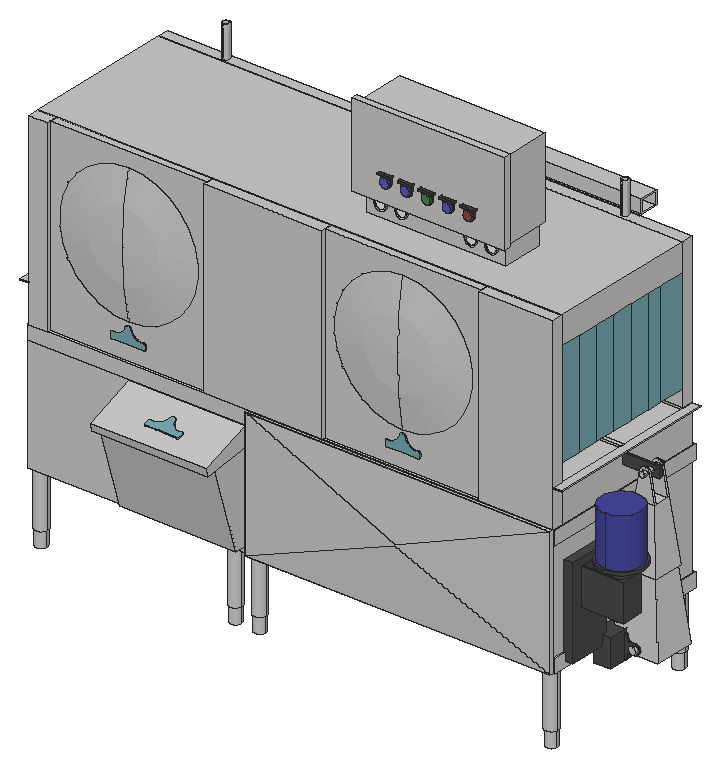
Revit family (continued)
Dimensions and locks (in)
  locked: Extrusion 33 sketch curve to plane 13 "Top of Machine" at 5.875
  locked: Extrusion 34 sketch curve to plane 13 "Top of Machine" at 5.875
  locked: Extrusion 35 sketch curve to plane 13 "Top of Machine" at 5.875
  locked: Extrusion 36 sketch curve to plane 14 "Panel Top" at 4.12493
  locked: plane 38 to plane 9 "Right End Cowl" at 0.125
  locked: plane 10 to plane 39 at 3.875
  locked: plane 40 to plane 41 at 24.875
  locked: plane 41 to plane 6 "FRONT" at 0.0625
  plane 42 "Top of Vents" to plane 13 "Top of Machine" = 0' - 4"
  locked: Extrusion 41 sketch curve to plane 5 "RIGHT" at 1.375
  locked: plane 5 "RIGHT" to Extrusion 42 sketch curve at 6
  locked: plane 5 "RIGHT" to Extrusion 45 sketch curve at 6
  locked: plane 5 "RIGHT" to Extrusion 46 sketch curve at 6
  locked: plane 5 "RIGHT" to Blend 44 sketch curve at 6
  locked: Extrusion 57 sketch curve to plane 3 "BACK" at 0.75
  locked: plane 43 to plane 22 "Door Center" at 14.5
  locked: plane 43 to plane 44 at 29
  locked: plane 46 to plane 13 "Top of Machine" at 2
  locked: plane 45 to plane 3 "BACK" at 3
  Extrusion 60 sketch curve to plane 13 "Top of Machine" = 1' - 1"
  locked: plane 30 to Extrusion 60 sketch curve at 1
  locked: plane 47 to plane 3 "BACK" at 5
  locked: plane 48 to plane 13 "Top of Machine" at 29
  locked: plane 49 to plane 51 at 0.125
  locked: plane 52 to plane 50 at 3.875
  locked: plane 54 "LEFT" to plane 56 at 0.25
  "Width": plane 54 "LEFT" to plane 5 "RIGHT"
  locked: plane 53 "Left of Middle" to plane 54 "LEFT" at 0.125
  locked: plane 55 to plane 54 "LEFT" at 1.25
  "Single Door Opening": plane 58 to plane 57
  locked: Extrusion 77 sketch curve to plane 21 at 1.125
  locked: plane 60 to level at 13.625
  locked: Extrusion 30 sketch curve to plane 22 "Door Center" at 1
  locked: plane 22 "Door Center" to Extrusion 35 sketch curve at 0.75
  locked: plane 22 "Door Center" to Extrusion 82 sketch curve at 6
  locked: plane 22 "Door Center" to Extrusion 31 sketch curve at 3
  locked: Extrusion 30 to Extrusion 32 sketch curve at 1
  locked: Extrusion 33 sketch curve to plane 22 "Door Center" at 3
  locked: Extrusion 34 sketch curve to plane 22 "Door Center" at 6
  locked: Extrusion 57 sketch curve to plane 5 "RIGHT" at 9
  plane 54 "LEFT" to Extrusion 83 sketch curve = 3' - 2"
  locked: plane 54 "LEFT" to Extrusion 84 sketch curve at 9
  locked: Extrusion 61 sketch curve to plane 5 "RIGHT" at 28
  locked: plane 61 to level at 8.5
  locked: plane 6 "FRONT" to plane 63 at 7
  locked: plane 54 "LEFT" to plane 58 at 2.6875
  plane 3 "BACK" to plane 62 "Drain" = 0' - 3"
  equal spacing: plane 23, plane 22 "Door Center", plane 24
  locked: plane 22 "Door Center" to Extrusion 36 sketch curve at 2.49793
  locked: Sweep 85 sketch curve to plane 54 "LEFT" at 10.625
  locked: plane 54 "LEFT" to Extrusion 86 sketch curve at 22
  locked: plane 58 to plane 64 at 0.25
  locked: plane 66 to plane 57 at 0.25
  locked: plane 23 to plane 67 at 0.25
  locked: plane 65 to plane 24 at 0.25
  locked: plane 22 "Door Center" to plane 70 at 0.0625
  locked: plane 69 to plane 22 "Door Center" at 0.0625
  locked: plane 22 "Door Center" to plane 71 at 1.4375
  locked: plane 68 to plane 22 "Door Center" at 1.4375
  locked: plane 59 "Left of Bin" to plane 18 at 16.75
  locked: plane 49 to plane 54 "LEFT" at 10
  locked: plane 51 to plane 52 at 2.9375
  locked: plane 39 to plane 38 at 2.9375
  locked: plane 5 "RIGHT" to plane 9 "Right End Cowl" at 10
  locked: plane 72 to plane 57 at 1.4375
  aligned and locked: level to plane 1
  aligned and locked: Extrusion 1 sketch curve to plane 17
  aligned and locked: Extrusion 1 sketch curve to plane 18
  aligned and locked: plane 19 "Right of Bottom" to Extrusion 1 sketch curve
  aligned and locked: Extrusion 1 to plane 11 "Bottom of Machine"
  aligned and locked: plane 15 to Extrusion 1
  aligned and locked: plane 2 "Left of Bottom" to Extrusion 2 sketch curve
  aligned and locked: Extrusion 2 sketch curve to plane 5 "RIGHT"
  aligned and locked: plane 6 "FRONT" to Extrusion 2 sketch curve
  aligned and locked: plane 3 "BACK" to Extrusion 2 sketch curve
  aligned and locked: plane 14 "Panel Top" to Extrusion 2
  aligned and locked: Extrusion 2 to plane 15
  aligned and locked: plane 5 "RIGHT" to Extrusion 3 sketch curve
  aligned and locked: plane 6 "FRONT" to Extrusion 3 sketch curve
  aligned and locked: plane 8 "Right of Ledge" to Extrusion 3 sketch curve
  aligned and locked: plane 3 "BACK" to Extrusion 3 sketch curve
  aligned and locked: plane 3 "BACK" to Extrusion 4 sketch curve
  aligned and locked: Extrusion 4 sketch curve to plane 21
  aligned and locked: Extrusion 4 to plane 14 "Panel Top"
  aligned and locked: plane 3 "BACK" to Extrusion 5 sketch curve
  aligned and locked: plane 20 to Extrusion 5 sketch curve
  aligned and locked: Extrusion 6 sketch curve to plane 5 "RIGHT"
  aligned and locked: Extrusion 6 sketch curve to plane 21
  aligned and locked: Extrusion 6 sketch curve to plane 20
  aligned and locked: plane 3 "BACK" to Extrusion 7 sketch curve
  aligned and locked: plane 20 to Extrusion 7 sketch curve
  aligned and locked: Extrusion 7 sketch curve to plane 5 "RIGHT"
  aligned and locked: Extrusion 7 to plane 12 "Table Height"
  aligned and locked: Extrusion 6 to plane 25 "Top of Opening"
  aligned and locked: Extrusion 8 sketch curve to plane 23
  aligned and locked: plane 14 "Panel Top" to Extrusion 8 sketch curve
  aligned and locked: Extrusion 8 to plane 21
  aligned and locked: Extrusion 8 sketch curve to plane 13 "Top of Machine"
  aligned and locked: plane 2 "Left of Bottom" to Blend 9 sketch curve
  aligned and locked: plane 11 "Bottom of Machine" to Blend 9 sketch curve
  aligned and locked: Blend 9 sketch curve to plane 14 "Panel Top"
  aligned and locked: Blend 9 sketch curve to plane 5 "RIGHT"
  aligned and locked: plane 6 "FRONT" to Extrusion 1 sketch curve
  aligned and locked: plane 2 "Left of Bottom" to Extrusion 10 sketch curve
  aligned and locked: Extrusion 10 sketch curve to plane 6 "FRONT"
  aligned and locked: plane 16 to Extrusion 10 sketch curve
  aligned and locked: Extrusion 10 sketch curve to plane 5 "RIGHT"
  aligned and locked: Extrusion 10 to plane 11 "Bottom of Machine"
  aligned and locked: plane 14 "Panel Top" to Extrusion 10
  aligned and locked: plane 24 to Extrusion 11 sketch curve
  aligned and locked: Extrusion 11 sketch curve to plane 13 "Top of Machine"
  aligned and locked: Extrusion 11 sketch curve to plane 5 "RIGHT"
  aligned and locked: plane 14 "Panel Top" to Extrusion 11 sketch curve
  aligned and locked: Extrusion 11 to plane 21
  aligned and locked: Extrusion 12 sketch curve to plane 24
  aligned and locked: plane 21 to Extrusion 12 sketch curve
  aligned and locked: plane 23 to Extrusion 12 sketch curve
  aligned and locked: Extrusion 12 to plane 14 "Panel Top"
  aligned and locked: plane 26 to Extrusion 14
  aligned and locked: Extrusion 15 to plane 26
  aligned and locked: plane 11 "Bottom of Machine" to Extrusion 15
  aligned and locked: plane 21 to Extrusion 22 sketch curve
  aligned and locked: plane 5 "RIGHT" to Extrusion 22 sketch curve  (x7)
  aligned and locked: plane 20 to Extrusion 22 sketch curve
  aligned and locked: Extrusion 23 sketch curve to plane 32
  aligned and locked: plane 31 "Front of Lower Panel" to Extrusion 23 sketch curve
  aligned and locked: plane 27 to Extrusion 23 sketch curve
  aligned and locked: plane 28 to Extrusion 23 sketch curve
  aligned and locked: Extrusion 24 sketch curve to plane 34 "Back of Panel"
  aligned and locked: plane 33 to Extrusion 24 sketch curve
  aligned and locked: plane 36 to Extrusion 24 sketch curve
  aligned and locked: Extrusion 24 sketch curve to plane 37
  aligned and locked: Extrusion 25 sketch curve to plane 33
  aligned and locked: plane 35 "Front of Upper Panel" to Extrusion 25 sketch curve
  aligned and locked: plane 29 to Extrusion 25 sketch curve
  aligned and locked: Extrusion 25 sketch curve to plane 30
  aligned and locked: Extrusion 27 sketch curve to Extrusion 26  (x2)
  aligned and locked: Extrusion 29 sketch curve to Extrusion 28  (x2)
  aligned and locked: Extrusion 37 sketch curve to plane 13 "Top of Machine"
  aligned and locked: Extrusion 37 sketch curve to plane 6 "FRONT"
  aligned and locked: plane 21 to Extrusion 37 sketch curve
  aligned and locked: plane 20 to Extrusion 37 sketch curve
  aligned and locked: plane 3 "BACK" to Extrusion 37 sketch curve
  aligned and locked: plane 6 "FRONT" to Extrusion 38 sketch curve
  aligned and locked: Extrusion 38 sketch curve to plane 13 "Top of Machine"
  aligned and locked: plane 3 "BACK" to Extrusion 38 sketch curve
  aligned and locked: plane 20 to Extrusion 38 sketch curve
  aligned and locked: plane 25 "Top of Opening" to Extrusion 38 sketch curve
  aligned and locked: plane 21 to Extrusion 38 sketch curve
  aligned and locked: Extrusion 38 to plane 38
  aligned and locked: plane 38 to Extrusion 37
  aligned and locked: Extrusion 39 sketch curve to plane 10
  aligned and locked: plane 39 to Extrusion 39 sketch curve
  aligned and locked: plane 40 to Extrusion 39 sketch curve
  aligned and locked: Extrusion 39 sketch curve to plane 41
  aligned and locked: Extrusion 40 sketch curve to Extrusion 39  (x4)
  aligned and locked: Blend 44 sketch curve to Extrusion 43  (x2)
  aligned and locked: Extrusion 53 sketch curve to Extrusion 51  (x2)
  aligned and locked: Extrusion 41 to plane 5 "RIGHT"
  aligned and locked: Extrusion 47 to plane 5 "RIGHT"
  aligned: nested 1 to cut or joined group of Extrusion 37, Extrusion 40
  aligned and locked: plane 10 to nested 1
  aligned and locked: plane 39 to nested 1
  aligned and locked: plane 41 to nested 1
  aligned and locked: nested 1 to plane 40
  aligned and locked: Extrusion 58 to plane 43
  aligned and locked: Extrusion 58 to plane 44
  aligned and locked: Extrusion 59 to plane 44
  aligned and locked: Extrusion 59 to plane 43
  aligned and locked: plane 3 "BACK" to curve 1
  aligned and locked: curve 3 to plane 5 "RIGHT"
  aligned and locked: plane 6 "FRONT" to curve 2
  aligned and locked: curve 5 to plane 9 "Right End Cowl"
  aligned and locked: plane 43 to curve 7
  aligned and locked: plane 44 to curve 9
  aligned and locked: curve 8 to plane 45
  aligned and locked: plane 8 "Right of Ledge" to curve 10
  aligned and locked: curve 11 to plane 34 "Back of Panel"
  aligned and locked: plane 33 to curve 13
  aligned and locked: plane 36 to curve 12
  aligned and locked: curve 14 to plane 37
  aligned and locked: plane 29 to curve 18
  aligned and locked: plane 35 "Front of Upper Panel" to curve 17
  aligned and locked: curve 16 to plane 30
  aligned and locked: plane 41 to curve 22
  aligned and locked: curve 23 to plane 39
  aligned and locked: plane 10 to curve 21
  aligned and locked: curve 20 to plane 40
  aligned and locked: Extrusion 62 sketch curve to plane 17  (x2)
  aligned and locked: plane 47 to Extrusion 62 sketch curve
  aligned and locked: plane 44 to Extrusion 62 sketch curve
  aligned and locked: Extrusion 62 sketch curve to plane 45
  aligned and locked: plane 43 to Extrusion 62 sketch curve
  aligned: plane 42 "Top of Vents" to Extrusion 62
  aligned and locked: plane 4 "TOP" to Extrusion 62
  aligned and locked: plane 13 "Top of Machine" to Extrusion 63 sketch curve
  aligned and locked: Extrusion 63 sketch curve to plane 24
  aligned and locked: plane 23 to Extrusion 63 sketch curve
  aligned and locked: Extrusion 63 sketch curve to plane 48
  aligned and locked: Extrusion 63 to plane 21
  aligned and locked: Extrusion 62 sketch curve to plane 8 "Right of Ledge"
  aligned and locked: Extrusion 64 sketch curve to plane 47
  aligned and locked: Extrusion 64 sketch curve to plane 8 "Right of Ledge"
  aligned and locked: plane 17 to Extrusion 64 sketch curve
  aligned and locked: Extrusion 64 sketch curve to plane 9 "Right End Cowl"
  aligned and locked: plane 4 "TOP" to Extrusion 64
  aligned and locked: curve 26 to plane 9 "Right End Cowl"
  aligned and locked: curve 25 to plane 47
  aligned and locked: Extrusion 66 sketch curve to Extrusion 65  (x2)
  aligned and locked: Extrusion 68 sketch curve to Extrusion 67  (x2)
  aligned and locked: Extrusion 69 to plane 51
  aligned and locked: plane 51 to Extrusion 70
  aligned and locked: plane 52 to Extrusion 71 sketch curve
  aligned and locked: Extrusion 71 sketch curve to plane 50
  aligned and locked: curve 27 to plane 49
  aligned and locked: curve 31 to plane 50
  aligned and locked: plane 52 to curve 29
  aligned and locked: plane 49 to Extrusion 72 sketch curve
  aligned and locked: plane 49 to curve 32
  aligned and locked: Extrusion 73 sketch curve to plane 55
  aligned and locked: plane 6 "FRONT" to Extrusion 74 sketch curve
  aligned and locked: Extrusion 74 sketch curve to plane 17
  aligned and locked: plane 19 "Right of Bottom" to Extrusion 74 sketch curve
  aligned and locked: plane 14 "Panel Top" to Extrusion 74
  aligned and locked: Extrusion 74 sketch curve to plane 53 "Left of Middle"
  aligned and locked: plane 54 "LEFT" to Extrusion 7 sketch curve
  aligned and locked: plane 54 "LEFT" to Extrusion 6 sketch curve
  aligned and locked: Extrusion 4 sketch curve to plane 5 "RIGHT"
  aligned and locked: plane 54 "LEFT" to Extrusion 4 sketch curve
  aligned and locked: Extrusion 5 sketch curve to plane 5 "RIGHT"
  aligned and locked: plane 54 "LEFT" to Extrusion 5 sketch curve
  aligned and locked: plane 57 to Extrusion 8 sketch curve
  aligned and locked: plane 54 "LEFT" to Extrusion 76 sketch curve
  aligned and locked: Extrusion 76 sketch curve to plane 13 "Top of Machine"
  aligned and locked: Extrusion 76 sketch curve to plane 58
  aligned and locked: plane 14 "Panel Top" to Extrusion 76 sketch curve
  aligned and locked: Extrusion 76 to plane 21
  aligned and locked: Extrusion 76 to plane 6 "FRONT"
  aligned and locked: plane 13 "Top of Machine" to Extrusion 78 sketch curve
  aligned and locked: Extrusion 78 sketch curve to plane 57
  aligned and locked: plane 58 to Extrusion 78 sketch curve
  aligned and locked: Extrusion 78 sketch curve to plane 48
  aligned and locked: Extrusion 78 to plane 21
  aligned and locked: plane 58 to Extrusion 77 sketch curve
  aligned and locked: Extrusion 77 sketch curve to plane 57
  aligned and locked: plane 21 to Extrusion 77 sketch curve
  aligned and locked: Extrusion 77 to plane 14 "Panel Top"
  aligned and locked: plane 13 "Top of Machine" to Extrusion 77
  aligned and locked: plane 18 to Extrusion 79 sketch curve
  aligned and locked: Extrusion 79 to plane 3 "BACK"
  aligned and locked: Extrusion 87 sketch curve to Extrusion 86  (x2)
  aligned and locked: Extrusion 88 sketch curve to Extrusion 61  (x2)
  aligned and locked: plane 54 "LEFT" to cut or joined group of Extrusion 69, Extrusion 89
  aligned and locked: Extrusion 81 to plane 18
  aligned and locked: Extrusion 80 to plane 18
  aligned and locked: Extrusion 79 sketch curve to plane 53 "Left of Middle"
  aligned and locked: plane 11 "Bottom of Machine" to Extrusion 79 sketch curve
  aligned and locked: plane 55 to Extrusion 72
  aligned and locked: Extrusion 62 to plane 55
  aligned and locked: plane 21 to Extrusion 104 sketch curve
  aligned and locked: plane 6 "FRONT" to Extrusion 104 sketch curve
  aligned and locked: Extrusion 104 sketch curve to plane 65
  aligned and locked: plane 67 to Extrusion 105 sketch curve
  aligned and locked: Extrusion 105 sketch curve to plane 69
  aligned and locked: plane 21 to Extrusion 105 sketch curve
  aligned and locked: plane 6 "FRONT" to Extrusion 105 sketch curve
  aligned and locked: Extrusion 105 to plane 14 "Panel Top"
  aligned and locked: Extrusion 104 to plane 14 "Panel Top"
  aligned and locked: curve 60 to plane 23
  aligned and locked: curve 62 to plane 24
  aligned and locked: cut or joined group of Extrusion 37, Extrusion 40 to plane 5 "RIGHT"
  aligned and locked: Extrusion 112 sketch curve to plane 66
Automatic sketch dimensions
  Extrusion 81 sketch curve to Extrusion 81 sketch curve = 0' - 1.04649"
  Extrusion 99 sketch curve to Extrusion 99 sketch curve = 0' - 0.41934"
  Extrusion 99 sketch curve to Extrusion 99 sketch curve = 0' - 0.42496"
  Extrusion 99 sketch curve to Extrusion 99 sketch curve = 0' - 0"  (x2)
  Extrusion 99 sketch curve to Extrusion 99 sketch curve = 0' - 1.22253"
  Extrusion 99 sketch curve to Extrusion 99 sketch curve = 0' - 1.51845"
  Extrusion 99 sketch curve to Extrusion 99 sketch curve = 0' - 1.63184"  (x2)
  Extrusion 99 sketch curve to Extrusion 99 sketch curve = 0' - 0.00341"
  Extrusion 99 sketch curve to Extrusion 99 sketch curve = 0' - 0.25142"  (x2)
  Extrusion 99 sketch curve to Extrusion 99 sketch curve = 0' - 11.90119"
  Extrusion 99 sketch curve to Extrusion 99 sketch curve = 0' - 0.08323"
  Extrusion 99 sketch curve to Extrusion 99 sketch curve = 0' - 0.48493"  (x2)
  Extrusion 99 sketch curve to Extrusion 99 sketch curve = 0' - 1.96861"
  Extrusion 80 sketch curve to Extrusion 80 sketch curve = 0' - 3.69119"
  Extrusion 80 sketch curve to Extrusion 80 sketch curve = 0' - 5.50369"
  Extrusion 80 sketch curve to Extrusion 80 sketch curve = 1' - 0.07335"
  Extrusion 80 sketch curve to Extrusion 80 sketch curve = 0' - 0.73915"
  Extrusion 81 sketch curve to Extrusion 81 sketch curve = 0' - 0.24812"
  Extrusion 81 sketch curve to Extrusion 81 sketch curve = 0' - 6.75188"
  Extrusion 81 sketch curve to Extrusion 81 sketch curve = 0' - 0.90679"
  Extrusion 81 sketch curve to Extrusion 81 sketch curve = 0' - 2 11/16"
  Extrusion 99 sketch curve to Extrusion 99 sketch curve = 0' - 0.25483"
  Extrusion 99 sketch curve to Extrusion 99 sketch curve = 0' - 0.30345"
  Extrusion 99 sketch curve to Extrusion 99 sketch curve = 0' - 1.52338"
  Extrusion 99 sketch curve to Extrusion 99 sketch curve = 0' - 0.61126"
  Extrusion 102 sketch curve to Extrusion 102 sketch curve = 0' - 1.04649"
  Extrusion 103 sketch curve to Extrusion 103 sketch curve = 0' - 0.41934"
  Extrusion 103 sketch curve to Extrusion 103 sketch curve = 0' - 0.42496"
  Extrusion 103 sketch curve to Extrusion 103 sketch curve = 0' - 0"  (x2)
  Extrusion 103 sketch curve to Extrusion 103 sketch curve = 0' - 1.22253"
  Extrusion 103 sketch curve to Extrusion 103 sketch curve = 0' - 1.51845"
  Extrusion 103 sketch curve to Extrusion 103 sketch curve = 0' - 1.63184"  (x2)
  Extrusion 103 sketch curve to Extrusion 103 sketch curve = 0' - 0.00341"
  Extrusion 103 sketch curve to Extrusion 103 sketch curve = 0' - 0.25142"  (x2)
  Extrusion 103 sketch curve to Extrusion 103 sketch curve = 0' - 11.90119"
  Extrusion 103 sketch curve to Extrusion 103 sketch curve = 0' - 0.08323"
  Extrusion 103 sketch curve to Extrusion 103 sketch curve = 0' - 0.48493"  (x2)
  Extrusion 103 sketch curve to Extrusion 103 sketch curve = 0' - 1.96861"
  Extrusion 101 sketch curve to Extrusion 101 sketch curve = 0' - 3.69119"
  Extrusion 101 sketch curve to Extrusion 101 sketch curve = 0' - 5.50369"
  Extrusion 101 sketch curve to Extrusion 101 sketch curve = 1' - 0.07335"
  Extrusion 101 sketch curve to Extrusion 101 sketch curve = 0' - 0.73915"
  Extrusion 102 sketch curve to Extrusion 102 sketch curve = 0' - 0.24812"
  Extrusion 102 sketch curve to Extrusion 102 sketch curve = 0' - 6.75188"
  Extrusion 102 sketch curve to Extrusion 102 sketch curve = 0' - 0.90679"
  Extrusion 102 sketch curve to Extrusion 102 sketch curve = 0' - 2 11/16"
  Extrusion 103 sketch curve to Extrusion 103 sketch curve = 0' - 0.25483"
  Extrusion 103 sketch curve to Extrusion 103 sketch curve = 0' - 0.30345"
  Extrusion 103 sketch curve to Extrusion 103 sketch curve = 0' - 1.52338"
  Extrusion 103 sketch curve to Extrusion 103 sketch curve = 0' - 0.61126"
  curve 24 to plane 55 = 0' - 0"
  curve 36 to plane 6 "FRONT" = 0' - 0"
  curve 36 to plane 54 "LEFT" = 0' - 0"
  curve 37 to plane 6 "FRONT" = 0' - 0"
  curve 37 to plane 58 = 0' - 0"
  curve 41 to plane 59 "Left of Bin" = 0' - 0"
  curve 40 to plane 57 = 0' - 0"
  curve 43 to plane 18 = 0' - 0"
  plane 21 to curve 44 = 0' - 0"
  curve 44 to plane 23 = 0' - 0"
  curve 47 to plane 24 = 0' - 0"
  curve 25 to plane 8 "Right of Ledge" = 0' - 0"
  curve 42 to plane 63 = 0' - 0"
  curve 46 to plane 6 "FRONT" = 0' - 0"
  curve 39 to plane 6 "FRONT" = 0' - 0"
  curve 43 to plane 6 "FRONT" = 0' - 0"
  curve 44 to plane 6 "FRONT" = 0' - 0"
  curve 41 to plane 6 "FRONT" = 0' - 0"
  plane 21 to curve 38 = 0' - 0"
  plane 3 "BACK" to curve 36 = 0' - 0"
  curve 26 to plane 17 = 0' - 0"
  curve 32 to plane 17 = 0' - 0"
  plane 41 to curve 47 = 0' - 0 7/16"
  plane 41 to curve 40 = 0' - 0 7/16"
  Extrusion 5 sketch curve to plane 5 "RIGHT" = 0' - 0"
  Extrusion 5 sketch curve to plane 54 "LEFT" = 0' - 0"
  plane 32 to Extrusion 5 sketch curve = 0' - 0 1/4"
  Extrusion 5 sketch curve to plane 32 = 0' - 0 1/4"
  plane 60 to Blend 9 sketch curve = 0' - 5 19/32"
  Blend 9 sketch curve to Blend 9 sketch curve = 0' - 0 1/16"
  Revolve 13 sketch curve to plane 16 = 0' - 0"
  Revolve 13 sketch curve to plane 63 = 0' - 4 1/4"
  plane 41 to Revolve 13 sketch curve = 0' - 0 7/16"
  plane 31 "Front of Lower Panel" to Revolve 13 sketch curve = 0' - 2 3/4"
  Revolve 13 sketch curve to plane 25 "Top of Opening" = 0' - 7.74993"
  plane 47 to Revolve 13 sketch curve = 1' - 5.49935"
  Revolve 13 sketch curve to plane 25 "Top of Opening" = 0' - 8"  (x2)
  Extrusion 22 sketch curve to plane 35 "Front of Upper Panel" = 0' - 0 3/8"
  Extrusion 22 sketch curve to Extrusion 22 sketch curve = 0' - 0 1/8"  (x6)
  plane 31 "Front of Lower Panel" to Extrusion 22 sketch curve = 0' - 1 1/4"
  Extrusion 22 sketch curve to plane 32 = 0' - 1 5/8"
  Extrusion 22 sketch curve to plane 5 "RIGHT" = 0' - 0 1/8"  (x7)
  plane 34 "Back of Panel" to Extrusion 22 sketch curve = 0' - 1"
  Extrusion 22 sketch curve to Extrusion 22 sketch curve = 0' - 3"
  Extrusion 22 sketch curve to Extrusion 22 sketch curve = 0' - 2"
  Extrusion 26 sketch curve to Extrusion 26 sketch curve = 0' - 0"  (x2)
  Extrusion 28 sketch curve to Extrusion 28 sketch curve = 0' - 0"  (x2)
  plane 71 to Extrusion 30 sketch curve = 0' - 0 9/16"
  Extrusion 30 sketch curve to Extrusion 30 sketch curve = 0' - 2"  (x4)
  Extrusion 30 sketch curve to Extrusion 30 sketch curve = 0' - 1"  (x2)
  plane 68 to Extrusion 30 sketch curve = 0' - 0 7/16"
  Extrusion 30 sketch curve to plane 68 = 0' - 0 9/16"
  plane 42 "Top of Vents" to Extrusion 30 sketch curve = 0' - 2 3/4"  (x3)
  Extrusion 30 sketch curve to Extrusion 30 sketch curve = 0' - 0"  (x2)
  Extrusion 30 sketch curve to Extrusion 30 sketch curve = 0' - 0 1/4"  (x5)
  Extrusion 35 sketch curve to plane 22 "Door Center" = 0' - 0"
  plane 71 to Extrusion 35 sketch curve = 0' - 0 13/16"
  Extrusion 35 sketch curve to Extrusion 35 sketch curve = 0' - 0 3/4"  (x4)
  Extrusion 35 sketch curve to Extrusion 35 sketch curve = 0' - 1 1/2"  (x2)
  Extrusion 35 sketch curve to plane 68 = 0' - 0 13/16"
  Extrusion 35 sketch curve to Extrusion 35 sketch curve = 0' - 0"
  plane 42 "Top of Vents" to Extrusion 35 sketch curve = 0' - 1 7/8"  (x3)
  Extrusion 35 sketch curve to Extrusion 35 sketch curve = 0' - 0 7/8"  (x5)
  Extrusion 36 sketch curve to plane 22 "Door Center" = 0' - 0"
  plane 22 "Door Center" to Extrusion 36 sketch curve = 0' - 0.00035"
  plane 70 to Extrusion 36 sketch curve = 0' - 0.35719"
  plane 70 to Extrusion 36 sketch curve = 0' - 0.54876"
  plane 71 to Extrusion 36 sketch curve = 0' - 0.50556"
  plane 71 to Extrusion 36 sketch curve = 0' - 0.8056"
  Extrusion 36 sketch curve to Extrusion 36 sketch curve = 0' - 0.00341"
  Extrusion 36 sketch curve to Extrusion 36 sketch curve = 0' - 0.25142"  (x2)
  Extrusion 36 sketch curve to plane 22 "Door Center" = 0' - 0.42461"
  Extrusion 36 sketch curve to Extrusion 36 sketch curve = 0' - 0"
  Extrusion 36 sketch curve to plane 69 = 0' - 0.54876"
  Extrusion 36 sketch curve to plane 68 = 0' - 0.50556"
  Extrusion 36 sketch curve to Extrusion 36 sketch curve = 0' - 0.25483"
  Extrusion 36 sketch curve to plane 12 "Table Height" = 0' - 2.43574"  (x2)
  Extrusion 36 sketch curve to Extrusion 36 sketch curve = 0' - 0.48493"  (x2)
  Extrusion 36 sketch curve to Extrusion 36 sketch curve = 0' - 0.08323"
  plane 60 to Extrusion 36 sketch curve = 0' - 5.0469"
  Extrusion 37 sketch curve to plane 40 = 0' - 0 1/16"
  plane 41 to Extrusion 37 sketch curve = 0' - 0 1/16"
  Extrusion 37 sketch curve to plane 13 "Top of Machine" = 0' - 0 1/8"
  Extrusion 37 sketch curve to plane 25 "Top of Opening" = 0' - 0.88572"
  Extrusion 37 sketch curve to Extrusion 37 sketch curve = 0' - 0.05178"  (x2)
  Extrusion 37 sketch curve to Extrusion 37 sketch curve = 0' - 1 1/2"  (x2)
  Extrusion 37 sketch curve to Extrusion 37 sketch curve = 0' - 0.17678"  (x2)
  plane 12 "Table Height" to Extrusion 37 sketch curve = 0' - 5.17678"
  Extrusion 38 sketch curve to plane 25 "Top of Opening" = 0' - 0 15/16"
  Extrusion 38 sketch curve to Extrusion 38 sketch curve = 0' - 1 5/8"  (x2)
  plane 12 "Table Height" to Extrusion 38 sketch curve = 0' - 5 1/8"
  Extrusion 39 sketch curve to plane 41 = 0' - 0 1/8"
  plane 40 to Extrusion 39 sketch curve = 0' - 0 1/8"
  Extrusion 39 sketch curve to plane 10 = 0' - 0 1/8"
  plane 39 to Extrusion 39 sketch curve = 0' - 0 1/8"
  plane 19 "Right of Bottom" to Extrusion 41 sketch curve = 0' - 0"
  Extrusion 41 sketch curve to plane 5 "RIGHT" = 0' - 0"
  Extrusion 41 sketch curve to plane 15 = 0' - 0"
  plane 11 "Bottom of Machine" to Extrusion 41 sketch curve = 0' - 0 15/16"
  Extrusion 41 sketch curve to plane 14 "Panel Top" = 0' - 4 9/16"
  Extrusion 42 sketch curve to plane 35 "Front of Upper Panel" = 0' - 0 3/16"
  Blend 44 sketch curve to plane 35 "Front of Upper Panel" = 0' - 0 3/16"
  Extrusion 45 sketch curve to plane 35 "Front of Upper Panel" = 0' - 0 3/16"
  Extrusion 46 sketch curve to plane 35 "Front of Upper Panel" = 0' - 0 3/16"
  Extrusion 47 sketch curve to plane 5 "RIGHT" = 0' - 0"
  plane 10 to Extrusion 47 sketch curve = 0' - 1 3/16"
  Extrusion 47 sketch curve to plane 39 = 0' - 1 7/16"
  Extrusion 47 sketch curve to plane 12 "Table Height" = 0' - 2 5/16"
  Extrusion 47 sketch curve to Extrusion 47 sketch curve = 0' - 0 3/4"
  Extrusion 47 sketch curve to plane 12 "Table Height" = 0' - 0 13/16"
  Extrusion 48 sketch curve to plane 15 = 0' - 0"
  plane 19 "Right of Bottom" to Extrusion 48 sketch curve = 0' - 0"
  Extrusion 48 sketch curve to plane 5 "RIGHT" = 0' - 0"
  Extrusion 48 sketch curve to plane 10 = 0' - 0 5/16"
  Extrusion 48 sketch curve to plane 61 = 0' - 0 1/16"
  plane 15 to Extrusion 48 sketch curve = 0' - 0 7/16"
  Extrusion 49 sketch curve to Extrusion 49 sketch curve = 0' - 0"  (x2)
  plane 11 "Bottom of Machine" to Extrusion 49 sketch curve = 0' - 0 7/16"
  plane 10 to Extrusion 49 sketch curve = 0' - 1 3/16"
  plane 10 to Extrusion 49 sketch curve = 0' - 0 9/16"  (x2)
  Extrusion 49 sketch curve to plane 11 "Bottom of Machine" = 0' - 0 5/16"
  plane 10 to Extrusion 49 sketch curve = 0' - 0 3/16"  (x2)
  Extrusion 49 sketch curve to plane 10 = 0' - 0 1/16"  (x2)
  Extrusion 49 sketch curve to Extrusion 49 sketch curve = 0' - 0 1/4"
  Extrusion 49 sketch curve to Extrusion 49 sketch curve = 0' - 0 5/16"
  Extrusion 49 sketch curve to plane 15 = 0' - 0 1/8"
  Extrusion 50 sketch curve to Extrusion 50 sketch curve = 0' - 0"  (x2)
  plane 11 "Bottom of Machine" to Extrusion 50 sketch curve = 0' - 0 7/16"
  plane 10 to Extrusion 50 sketch curve = 0' - 1 3/16"
  plane 10 to Extrusion 50 sketch curve = 0' - 0 9/16"  (x2)
  Extrusion 50 sketch curve to plane 11 "Bottom of Machine" = 0' - 0 5/16"
  plane 10 to Extrusion 50 sketch curve = 0' - 0 3/16"  (x2)
  Extrusion 50 sketch curve to plane 10 = 0' - 0 1/16"  (x2)
  Extrusion 50 sketch curve to Extrusion 50 sketch curve = 0' - 0 1/4"
  Extrusion 50 sketch curve to Extrusion 50 sketch curve = 0' - 0 5/16"
  Extrusion 50 sketch curve to plane 15 = 0' - 0 1/8"
  Extrusion 51 sketch curve to Extrusion 51 sketch curve = 0' - 0"  (x6)
  plane 14 "Panel Top" to Extrusion 51 sketch curve = 0' - 0 3/16"
  Extrusion 51 sketch curve to plane 39 = 0' - 1 1/4"
  plane 10 to Extrusion 51 sketch curve = 0' - 1.92562"
  Extrusion 51 sketch curve to Extrusion 51 sketch curve = 0' - 0.36312"  (x2)
  Extrusion 51 sketch curve to Extrusion 51 sketch curve = 0' - 0 3/8"
  Extrusion 51 sketch curve to plane 10 = 0' - 0 1/4"
  Extrusion 51 sketch curve to plane 12 "Table Height" = 0' - 1 9/16"
  Extrusion 51 sketch curve to Extrusion 51 sketch curve = 0' - 0.13295"
  Extrusion 52 sketch curve to Extrusion 52 sketch curve = 0' - 0"  (x6)
  plane 14 "Panel Top" to Extrusion 52 sketch curve = 0' - 0 3/16"
  Extrusion 52 sketch curve to plane 39 = 0' - 1 1/4"
  plane 10 to Extrusion 52 sketch curve = 0' - 1.92562"
  Extrusion 52 sketch curve to Extrusion 52 sketch curve = 0' - 0.36312"  (x2)
  Extrusion 52 sketch curve to Extrusion 52 sketch curve = 0' - 0 3/8"
  Extrusion 52 sketch curve to plane 10 = 0' - 0 1/4"
  Extrusion 52 sketch curve to plane 12 "Table Height" = 0' - 1 9/16"
  Extrusion 52 sketch curve to Extrusion 52 sketch curve = 0' - 0.13295"
  Blend 54 sketch curve to plane 8 "Right of Ledge" = 0' - 0 5/16"
  Blend 54 sketch curve to plane 32 = 0' - 2 1/4"
  plane 34 "Back of Panel" to Blend 54 sketch curve = 0' - 1 3/4"
  Blend 54 sketch curve to plane 39 = 0' - 0 1/4"
  Blend 54 sketch curve to plane 10 = 0' - 0 1/4"
  Blend 54 sketch curve to plane 32 = 0' - 1 1/4"
  plane 34 "Back of Panel" to Blend 54 sketch curve = 0' - 0 3/4"
  Blend 54 sketch curve to plane 39 = 0' - 1 1/4"
  plane 39 to Blend 55 sketch curve = 0' - 0 1/2"
  plane 31 "Front of Lower Panel" to Blend 55 sketch curve = 0' - 3"
  plane 34 "Back of Panel" to Blend 55 sketch curve = 0' - 2 1/2"
  plane 8 "Right of Ledge" to Blend 55 sketch curve = 0' - 0 7/16"
  Blend 55 sketch curve to plane 8 "Right of Ledge" = 0' - 0 9/16"
  Blend 55 sketch curve to plane 32 = 0' - 2"
  plane 34 "Back of Panel" to Blend 55 sketch curve = 0' - 1 1/2"
  Blend 55 sketch curve to plane 39 = 0' - 0 1/2"
  Extrusion 56 sketch curve to Extrusion 56 sketch curve = 0' - 0"  (x2)
  plane 11 "Bottom of Machine" to Extrusion 56 sketch curve = 0' - 0 7/16"
  plane 10 to Extrusion 56 sketch curve = 0' - 1 11/16"
  Extrusion 56 sketch curve to Extrusion 56 sketch curve = 0' - 0 1/2"
  Extrusion 57 sketch curve to Extrusion 57 sketch curve = 0' - 0"  (x2)
  Extrusion 58 sketch curve to plane 46 = 0' - 0"
  Extrusion 58 sketch curve to plane 13 "Top of Machine" = 0' - 0"
  Extrusion 58 sketch curve to plane 45 = 0' - 0"
  Extrusion 58 sketch curve to plane 45 = 0' - 0 1/8"
  Extrusion 58 sketch curve to plane 17 = 0' - 0 1/8"
  Extrusion 58 sketch curve to Extrusion 58 sketch curve = 0' - 0 1/8"
  plane 13 "Top of Machine" to Extrusion 58 sketch curve = 0' - 0 1/8"
  Extrusion 58 sketch curve to plane 46 = 0' - 0 1/8"
  Extrusion 59 sketch curve to plane 3 "BACK" = 0' - 0"
  Extrusion 59 sketch curve to plane 13 "Top of Machine" = 0' - 0"
  Extrusion 59 sketch curve to plane 3 "BACK" = 0' - 0 1/4"
  Extrusion 59 sketch curve to Extrusion 59 sketch curve = 0' - 0 1/8"
  Extrusion 61 sketch curve to Extrusion 61 sketch curve = 0' - 0"  (x2)
  Extrusion 61 sketch curve to plane 62 "Drain" = 0' - 0"
  curve 35 to plane 6 "FRONT" = 0' - 0"
  curve 3 to plane 6 "FRONT" = 0' - 0"
  curve 30 to plane 41 = 0' - 0"
  curve 29 to plane 40 = 0' - 0"
  plane 3 "BACK" to curve 34 = 0' - 0"
  plane 3 "BACK" to curve 3 = 0' - 0"
  curve 34 to plane 54 "LEFT" = 0' - 0"
  curve 35 to plane 54 "LEFT" = 0' - 0"
  curve 2 to plane 55 = 0' - 0"
  curve 1 to plane 55 = 0' - 0"
  Extrusion 62 sketch curve to plane 55 = 0' - 0"
  Extrusion 65 sketch curve to Extrusion 65 sketch curve = 0' - 0"  (x2)
  Extrusion 65 sketch curve to plane 46 = 0' - 0 1/4"
  Extrusion 65 sketch curve to plane 68 = 0' - 3 9/16"
  Extrusion 67 sketch curve to Extrusion 67 sketch curve = 0' - 0"  (x2)
  plane 46 to Extrusion 67 sketch curve = 0' - 0 1/4"
  Extrusion 67 sketch curve to plane 71 = 0' - 3 9/16"
  Extrusion 69 sketch curve to plane 6 "FRONT" = 0' - 0"
  Extrusion 69 sketch curve to plane 21 = 0' - 0"
  Extrusion 69 sketch curve to plane 20 = 0' - 0"
  Extrusion 69 sketch curve to plane 3 "BACK" = 0' - 0"
  Extrusion 69 sketch curve to plane 13 "Top of Machine" = 0' - 0"
  plane 41 to Extrusion 69 sketch curve = 0' - 0 1/16"
  Extrusion 69 sketch curve to plane 40 = 0' - 0 1/16"
  Extrusion 69 sketch curve to plane 13 "Top of Machine" = 0' - 0 1/8"
  Extrusion 69 sketch curve to plane 25 "Top of Opening" = 0' - 0.88572"
  Extrusion 69 sketch curve to Extrusion 69 sketch curve = 0' - 0.05178"  (x2)
  Extrusion 69 sketch curve to Extrusion 69 sketch curve = 0' - 1 1/2"  (x2)
  Extrusion 69 sketch curve to Extrusion 69 sketch curve = 0' - 0.17678"  (x2)
  plane 12 "Table Height" to Extrusion 69 sketch curve = 0' - 5.17678"
  Extrusion 70 sketch curve to plane 6 "FRONT" = 0' - 0"
  Extrusion 70 sketch curve to plane 21 = 0' - 0"
  Extrusion 70 sketch curve to plane 20 = 0' - 0"
  Extrusion 70 sketch curve to plane 3 "BACK" = 0' - 0"
  Extrusion 70 sketch curve to plane 25 "Top of Opening" = 0' - 0"
  Extrusion 70 sketch curve to plane 13 "Top of Machine" = 0' - 0"
  Extrusion 70 sketch curve to plane 25 "Top of Opening" = 0' - 0 15/16"
  Extrusion 70 sketch curve to Extrusion 70 sketch curve = 0' - 1 5/8"  (x2)
  plane 12 "Table Height" to Extrusion 70 sketch curve = 0' - 5 1/8"
  Extrusion 71 sketch curve to plane 41 = 0' - 0"
  Extrusion 71 sketch curve to plane 40 = 0' - 0"
  plane 41 to Extrusion 71 sketch curve = 0' - 0 1/8"
  Extrusion 71 sketch curve to plane 40 = 0' - 0 1/8"
  Extrusion 71 sketch curve to plane 50 = 0' - 0 1/8"
  plane 52 to Extrusion 71 sketch curve = 0' - 0 1/8"
  Extrusion 72 sketch curve to plane 17 = 0' - 0"
  Extrusion 72 sketch curve to plane 55 = 0' - 0"
  Extrusion 72 sketch curve to plane 47 = 0' - 0"
  Extrusion 73 sketch curve to plane 6 "FRONT" = 0' - 0"
  plane 3 "BACK" to Extrusion 73 sketch curve = 0' - 0"
  Extrusion 73 sketch curve to plane 54 "LEFT" = 0' - 0"
  plane 21 to Extrusion 75 sketch curve = 0' - 0"
  Extrusion 75 sketch curve to plane 54 "LEFT" = 0' - 0"  (x7)
  Extrusion 75 sketch curve to plane 20 = 0' - 0"
  plane 35 "Front of Upper Panel" to Extrusion 75 sketch curve = 0' - 0 3/8"
  Extrusion 75 sketch curve to Extrusion 75 sketch curve = 0' - 0 1/8"  (x10)
  Extrusion 75 sketch curve to plane 31 "Front of Lower Panel" = 0' - 1 1/4"
  plane 32 to Extrusion 75 sketch curve = 0' - 1 5/8"
  Extrusion 75 sketch curve to plane 54 "LEFT" = 0' - 0 1/8"  (x3)
  Extrusion 75 sketch curve to plane 34 "Back of Panel" = 0' - 1"
  Extrusion 75 sketch curve to Extrusion 75 sketch curve = 0' - 3"
  Extrusion 75 sketch curve to Extrusion 75 sketch curve = 0' - 2"
  Extrusion 79 sketch curve to plane 14 "Panel Top" = 0' - 2"
  plane 42 "Top of Vents" to Extrusion 82 sketch curve = 0' - 1 7/8"
  Extrusion 83 sketch curve to Extrusion 83 sketch curve = 0' - 0"  (x2)
  Extrusion 83 sketch curve to plane 40 = 0' - 0 11/16"
  Extrusion 84 sketch curve to Extrusion 84 sketch curve = 0' - 0"  (x2)
  Extrusion 84 sketch curve to plane 40 = 0' - 0 11/16"
  Sweep 85 sketch curve to plane 61 = 0' - 0"
  Sweep 85 sketch curve to plane 59 "Left of Bin" = 0' - 1 7/8"
  plane 27 to Sweep 85 sketch curve = 0' - 4"
  Sweep 85 sketch curve to Sweep 85 sketch curve = 0' - 0 7/16"
  Sweep 85 sketch curve to Sweep 85 sketch curve = 0' - 0"  (x2)
  Sweep 85 sketch curve to plane 62 "Drain" = 0' - 0"
  profile plane to Sweep 85 sketch curve = 0' - 0"
  Extrusion 86 sketch curve to Extrusion 86 sketch curve = 0' - 0"  (x2)
  Extrusion 86 sketch curve to plane 62 "Drain" = 0' - 0"
  plane 41 to Extrusion 89 sketch curve = 0' - 0 1/8"
  Extrusion 89 sketch curve to plane 40 = 0' - 0 1/8"
  Extrusion 89 sketch curve to plane 50 = 0' - 0 1/8"
  plane 52 to Extrusion 89 sketch curve = 0' - 0 1/8"
  curve 61 to plane 6 "FRONT" = 0' - 0"
  curve 62 to plane 6 "FRONT" = 0' - 0"
  curve 55 to plane 6 "FRONT" = 0' - 0"
  curve 60 to plane 6 "FRONT" = 0' - 0"
  curve 48 to plane 6 "FRONT" = 0' - 0"
  plane 21 to curve 56 = 0' - 0"
  plane 21 to curve 55 = 0' - 0"
  plane 3 "BACK" to curve 48 = 0' - 0"
  curve 63 to plane 70 = 0' - 0"
  curve 56 to plane 69 = 0' - 0"
  curve 48 to plane 55 = 0' - 0"
  Revolve 90 sketch curve to plane 16 = 0' - 0"
  Revolve 90 sketch curve to plane 63 = 0' - 4 1/4"
  plane 41 to Revolve 90 sketch curve = 0' - 0 7/16"
  plane 31 "Front of Lower Panel" to Revolve 90 sketch curve = 0' - 2 3/4"
  Revolve 90 sketch curve to plane 25 "Top of Opening" = 0' - 7.74993"
  plane 47 to Revolve 90 sketch curve = 1' - 5.49935"
  Revolve 90 sketch curve to plane 25 "Top of Opening" = 0' - 8"  (x2)
  plane 20 to Extrusion 91 sketch curve = 0' - 0 5/8"
  plane 18 to Extrusion 91 sketch curve = 0' - 2 1/4"
  plane 20 to Extrusion 92 sketch curve = 0' - 0 5/8"
  plane 18 to Extrusion 92 sketch curve = 0' - 2 1/4"
  Extrusion 93 sketch curve to plane 21 = 0' - 0 5/8"
  Extrusion 93 sketch curve to plane 18 = 0' - 2 1/4"
  Extrusion 94 sketch curve to plane 21 = 0' - 0 5/8"
  Extrusion 94 sketch curve to plane 18 = 0' - 2 1/4"
  plane 56 to Extrusion 95 sketch curve = 0' - 0 3/4"
  plane 20 to Extrusion 95 sketch curve = 0' - 0 5/8"
  plane 56 to Extrusion 96 sketch curve = 0' - 0 3/4"
  plane 20 to Extrusion 96 sketch curve = 0' - 0 5/8"
  Extrusion 97 sketch curve to plane 56 = 0' - 0 3/4"
  Extrusion 97 sketch curve to plane 21 = 0' - 0 5/8"
  Extrusion 98 sketch curve to plane 56 = 0' - 0 3/4"
  Extrusion 98 sketch curve to plane 21 = 0' - 0 5/8"
  plane 59 "Left of Bin" to Extrusion 100 sketch curve = 0' - 1.93543"
  Extrusion 100 sketch curve to Extrusion 100 sketch curve = 0' - 0.25142"  (x2)
  Extrusion 100 sketch curve to Extrusion 100 sketch curve = 0' - 0.25483"
  plane 59 "Left of Bin" to Extrusion 100 sketch curve = 0' - 1.38056"
  plane 59 "Left of Bin" to Extrusion 100 sketch curve = 0' - 0.04876"
  Extrusion 100 sketch curve to plane 59 "Left of Bin" = 0' - 0.14281"
  Extrusion 100 sketch curve to Extrusion 100 sketch curve = 0' - 0.41934"
  Extrusion 100 sketch curve to plane 59 "Left of Bin" = 0' - 0 9/16"
  Extrusion 100 sketch curve to Extrusion 100 sketch curve = 0' - 0.42496"
  Extrusion 100 sketch curve to Extrusion 100 sketch curve = 0' - 0"
  Extrusion 100 sketch curve to plane 59 "Left of Bin" = 0' - 1.17376"
  Extrusion 100 sketch curve to Extrusion 100 sketch curve = 0' - 1.51845"
  Extrusion 100 sketch curve to Extrusion 100 sketch curve = 0' - 1.63184"
  Extrusion 100 sketch curve to Extrusion 100 sketch curve = 0' - 0.00341"
  plane 60 to Extrusion 100 sketch curve = 0' - 5.0469"
  plane 14 "Panel Top" to Extrusion 100 sketch curve = 0' - 2.07309"  (x2)
  Extrusion 100 sketch curve to Extrusion 100 sketch curve = 0' - 0.08323"
  Extrusion 100 sketch curve to Extrusion 100 sketch curve = 0' - 0.48493"  (x2)
  Extrusion 100 sketch curve to plane 12 "Table Height" = 0' - 1.37507"
  Extrusion 104 sketch curve to plane 70 = 0' - 0"
  Sweep 106 sketch curve to plane 16 = 0' - 0.6244"
  Sweep 106 sketch curve to plane 16 = 0' - 0.1244"  (x2)
  plane 6 "FRONT" to Sweep 106 sketch curve = 0' - 0.0006"  (x2)
  plane 12 "Table Height" to Sweep 106 sketch curve = 0' - 3 13/16"
  Sweep 106 sketch curve to plane 25 "Top of Opening" = 0' - 4 15/16"
  Sweep 106 sketch curve to profile plane = 0' - 0"  (x2)
  Sweep 107 sketch curve to plane 16 = 0' - 0.6244"
  Sweep 107 sketch curve to plane 16 = 0' - 0.1244"  (x2)
  plane 6 "FRONT" to Sweep 107 sketch curve = 0' - 0.0006"  (x2)
  plane 12 "Table Height" to Sweep 107 sketch curve = 0' - 3 13/16"
  Sweep 107 sketch curve to plane 25 "Top of Opening" = 0' - 4 15/16"
  Sweep 107 sketch curve to profile plane = 0' - 0"  (x2)
  Extrusion 108 sketch curve to plane 23 = 0' - 0.00531"
  Extrusion 108 sketch curve to plane 6 "FRONT" = 0' - 0.2494"
  Extrusion 109 sketch curve to plane 23 = 0' - 0.00531"
  Extrusion 109 sketch curve to plane 6 "FRONT" = 0' - 0.2494"
  Extrusion 110 sketch curve to plane 24 = 0' - 0.00531"
  Extrusion 110 sketch curve to plane 6 "FRONT" = 0' - 0.2494"
  Extrusion 111 sketch curve to plane 24 = 0' - 0.00531"
  Extrusion 111 sketch curve to plane 6 "FRONT" = 0' - 0.2494"
  curve 49 to plane 68 = 0' - 0.38031"
  curve 49 to plane 16 = 0' - 0.6244"
  curve 52 to plane 71 = 0' - 0.38031"
  curve 52 to plane 16 = 0' - 0.6244"
  curve 59 to plane 16 = 0' - 0.6244"
  plane 6 "FRONT" to curve 53 = 0' - 0.0006"
  plane 6 "FRONT" to curve 52 = 0' - 0.0006"
  plane 6 "FRONT" to curve 50 = 0' - 0.0006"
  plane 6 "FRONT" to curve 57 = 0' - 0.0006"
  plane 6 "FRONT" to curve 58 = 0' - 0.0006"
  plane 6 "FRONT" to curve 49 = 0' - 0.0006"
  curve 54 to plane 71 = 0' - 0.00531"
  plane 68 to curve 50 = 0' - 0.36969"
  curve 58 to curve 59 = 0' - 0 3/8"
  Extrusion 112 sketch curve to plane 6 "FRONT" = 0' - 0"
  plane 21 to Extrusion 112 sketch curve = 0' - 0"
  Extrusion 112 sketch curve to plane 64 = 0' - 0"
  Sweep 113 sketch curve to profile plane = 0' - 0"  (x2)
  Extrusion 114 sketch curve to plane 58 = 0' - 0.00531"
  Extrusion 114 sketch curve to plane 6 "FRONT" = 0' - 0.2494"
  Extrusion 115 sketch curve to plane 58 = 0' - 0.00531"
  Extrusion 115 sketch curve to plane 6 "FRONT" = 0' - 0.2494"
  Extrusion 116 sketch curve to plane 21 = 0' - 1 5/8"
  Extrusion 116 sketch curve to plane 35 "Front of Upper Panel" = 0' - 1 1/2"
  Extrusion 116 sketch curve to plane 35 "Front of Upper Panel" = 0' - 0 3/16"
  Extrusion 116 sketch curve to plane 31 "Front of Lower Panel" = 0' - 0 1/8"
  Extrusion 116 sketch curve to plane 9 "Right End Cowl" = 0' - 2 3/8"
  Extrusion 116 sketch curve to Extrusion 116 sketch curve = 0' - 1 5/8"
  Extrusion 116 sketch curve to Extrusion 116 sketch curve = 0' - 0"
  Extrusion 116 sketch curve to Extrusion 116 sketch curve = 0' - 4 3/8"
  Extrusion 116 sketch curve to Extrusion 116 sketch curve = 0' - 0 1/4"
  plane 59 "Left of Bin" to curve 58 = 0' - 11 1/8"
  Sweep 113 sketch curve to plane 16 = 0' - 0.6244"
  Sweep 113 sketch curve to plane 16 = 0' - 0.1244"  (x2)
  plane 6 "FRONT" to Sweep 113 sketch curve = 0' - 0.0006"  (x2)
  plane 12 "Table Height" to Sweep 113 sketch curve = 0' - 3 13/16"
  Sweep 113 sketch curve to plane 25 "Top of Opening" = 0' - 4 15/16"
  curve 64 to plane 72 = 0' - 0"
  plane 34 "Back of Panel" to curve 66 = 0' - 1.50029"
  plane 34 "Back of Panel" to curve 65 = 0' - 3.99468"
  plane 68 to curve 66 = 0' - 0 11/16"
  curve 65 to plane 62 "Drain" = 0' - 2.51093"
  curve 65 to plane 68 = 0' - 3 13/16"
  curve 66 to plane 68 = 0' - 3 13/16"
  radius of Extrusion 14 sketch curve = 0' - 0 13/16"
  radius of Extrusion 15 sketch curve = 0' - 0 15/16"
  radius of Extrusion 16 sketch curve = 0' - 0 13/16"
  radius of Extrusion 17 sketch curve = 0' - 0 15/16"
  radius of Extrusion 18 sketch curve = 0' - 0 13/16"
  radius of Extrusion 19 sketch curve = 0' - 0 15/16"
  radius of Extrusion 20 sketch curve = 0' - 0 13/16"
  radius of Extrusion 21 sketch curve = 0' - 0 15/16"
  radius of Extrusion 26 sketch curve = 0' - 0 3/4"
  radius of Extrusion 26 sketch curve = 0' - 0 7/8"
  radius of Extrusion 28 sketch curve = 0' - 0 3/4"
  radius of Extrusion 28 sketch curve = 0' - 0 7/8"
  radius of Extrusion 31 sketch curve = 0' - 0 5/8"
  radius of Extrusion 32 sketch curve = 0' - 0 5/8"
  radius of Extrusion 33 sketch curve = 0' - 0 5/8"
  radius of Extrusion 34 sketch curve = 0' - 0 5/8"
  radius of Extrusion 42 sketch curve = 0' - 1 1/16"
  radius of Blend 44 sketch curve = 0' - 2 1/16"
  radius of Extrusion 45 sketch curve = 0' - 3 1/4"
  radius of Extrusion 46 sketch curve = 0' - 2 7/8"
  radius of Extrusion 47 sketch curve = 0' - 0 3/8"
  radius of Extrusion 49 sketch curve = 0' - 0 1/2"
  radius of Extrusion 50 sketch curve = 0' - 0 1/2"
  radius of Extrusion 57 sketch curve = 0' - 0 3/8"
  radius of Extrusion 57 sketch curve = 0' - 0 1/2"
  radius of Extrusion 60 sketch curve = 0' - 0 1/4"
  radius of Extrusion 61 sketch curve = 0' - 1"
  radius of Extrusion 61 sketch curve = 0' - 1 1/8"
  radius of Extrusion 65 sketch curve = 0' - 0 3/4"
  radius of Extrusion 65 sketch curve = 0' - 0 7/8"
  radius of Extrusion 67 sketch curve = 0' - 0 3/4"
  radius of Extrusion 67 sketch curve = 0' - 0 7/8"
  radius of Extrusion 82 sketch curve = 0' - 0 5/8"
  radius of Extrusion 83 sketch curve = 0' - 0 3/8"
  radius of Extrusion 83 sketch curve = 0' - 0 1/2"
  radius of Extrusion 84 sketch curve = 0' - 0 3/8"
  radius of Extrusion 84 sketch curve = 0' - 0 1/2"
  radius of Sweep 85 sketch curve = 0' - 1"
  radius of Sweep 85 sketch curve = 0' - 1 1/8"
  radius of Extrusion 86 sketch curve = 0' - 1"
  radius of Extrusion 86 sketch curve = 0' - 1 1/8"
  radius of Extrusion 91 sketch curve = 0' - 0 13/16"
  radius of Extrusion 92 sketch curve = 0' - 0 15/16"
  radius of Extrusion 93 sketch curve = 0' - 0 13/16"
  radius of Extrusion 94 sketch curve = 0' - 0 15/16"
  radius of Extrusion 95 sketch curve = 0' - 0 13/16"
  radius of Extrusion 96 sketch curve = 0' - 0 15/16"
  radius of Extrusion 97 sketch curve = 0' - 0 13/16"
  radius of Extrusion 98 sketch curve = 0' - 0 15/16"
  radius of Sweep 106 sketch curve = 0' - 0 3/8"
  radius of Sweep 107 sketch curve = 0' - 0 3/8"
  radius of Extrusion 108 sketch curve = 0' - 0 1/4"
  radius of Extrusion 109 sketch curve = 0' - 0 1/4"
  radius of Extrusion 110 sketch curve = 0' - 0 1/4"
  radius of Extrusion 111 sketch curve = 0' - 0 1/4"
  radius of Sweep 113 sketch curve = 0' - 0 3/8"
  radius of Extrusion 114 sketch curve = 0' - 0 1/4"
  radius of Extrusion 115 sketch curve = 0' - 0 1/4"
Nested families (in)
  nested 1: "QF_Stero_ER-76S_L-R_E_EX" at (49.39022, -48.0625, 0), visible <- "Right Vent", Ventilation Remarks <- "Right Ventilation Remarks", Exhaust Volume <- "Right Exhaust Volume", Exhaust Vent Width <- "Right Exhaust Vent Width", Exhaust Vent Depth <- "Right Exhaust Vent Depth", Exhaust Static Press <- "Right Exhaust Static Press", Exhaust RI Height <- "Right Exhaust RI Height", Item Number <- "Right Exhaust Item Number", type "Nested"
    with Ventilation Remarks "", Item Number "-", Exhaust Volume 0 CFM, Exhaust Vent Width 0' - 3 7/8", Exhaust Vent Depth 2' - 0 7/8", Exhaust Static Press 0.00 in-wg, Exhaust RI Height 0' - 0"
  nested 2: "QF_Stero_ER-76S_L-R_E_HW2" at (8.82772, -48.75, 0), Plumbing Remarks <- "Building Plumbing Remarks", Hot Water Temperature <- "Building Hot Water Temperature", Hot Water Size <- "Building Hot Water Size", Hot Water RI Height <- "Building Hot Water RI Height", Hot Water Minimum Pressure <- "Building Hot Water Minimum Pressure", Hot Water Maximum Pressure <- "Building Hot Water Maximum Pressure", Hot Water Flow <- "Building Hot Water Flow", Hot Water Consumption <- "Building Hot Water Consumption", Hot Water Connection Height <- "Building Hot Water Connection Height", Item Number <- "Building HW Item Number", type "Nested"
    with Plumbing Remarks "", Item Number "-", Hot Water Temperature 140 °F, Hot Water Size Radius 3/8", Hot Water Size 3/4", Hot Water RI Height 0' - 0", Hot Water Minimum Pressure 20.00 psi, Hot Water Maximum Pressure 20.00 psi, Hot Water Flow 0.00 GPM, Hot Water Consumption 0.00 GPM, Hot Water Connection Height 5' - 0"
Connectors (in)
  piping at (18.32772, -51, 6), driven by "Indirect Waste Flow"
    settings: on Extrusion 61, index 1, connector radius 1", flow factor 0, pipe flow 0.00 GPM, pressure drop 0.00 psi, fitting loss kfactor 0, connector angle 0.00°, fixture units 0, flow configuration 1, flow direction 2, fitting loss method 0, system type 16, connector reference index -1, connector utility 0, adjustable connector no, is connector primary yes, fitting loss table "", connector description "Indirect Waste"
  piping at (37.32772, -48.75, 60), driven by "Hot Water Flow"
    settings: on Extrusion 57, index 2, connector radius 3/8", flow factor 0, pipe flow 1.97 GPM, pressure drop 0.00 psi, fitting loss kfactor 0, connector angle 0.00°, fixture units 0, flow configuration 1, flow direction 1, fitting loss method 0, system type 19, connector reference index -1, connector utility 0, adjustable connector no, is connector primary no, fitting loss table "", connector description "Booster Hot Water"
  electrical at (34.32772, -59.9375, 68.5), driven by "Number of Poles", driven by "Volts", driven by "Apparent Power"
    settings: on Extrusion 60, index 3, voltage 208 V, apparent load 11273.6 VA, apparent load phase1 0 VA, apparent load phase2 0 VA, apparent load phase3 0 VA, power factor 1, load classification "Other", number of poles 1, system type 30, power factor state 1, is connector primary yes, connector utility no, sub classification motor no, connector description "Electric"
  hvac at (51.32772, -60.5, 59.5), driven by "Right Exhaust Volume", driven by "Right Exhaust Vent Depth", driven by "Right Exhaust Vent Width", driven by "Right Exhaust Vent Text"
    settings: on cut or joined group of Extrusion 39, Extrusion 40, index 5, duct flow 0 CFM, flow factor 0, pres drop 0.00 in-wg, loss coef 0, conn angle 0.00°, conn width 3 7/8", conn height 24 7/8", conn radius 12", duct sys type 3, conn prof type 1, flow config 1, flow direction 2, loss method 0, conn ref index -1, conn util no, is conn primary no, conn desc "Vent, Unload End"
  hvac at (-34.17228, -60.5, 59.5), driven by "Exhaust Volume", driven by "Exhaust Vent Depth", driven by "Exhaust Vent Width", driven by "Exhaust Vent Text"
    settings: on Extrusion 71, index 6, duct flow 0 CFM, flow factor 0, pres drop 0.00 in-wg, loss coef 0, conn angle 0.00°, conn width 3 7/8", conn height 24 7/8", conn radius 12", duct sys type 3, conn prof type 1, flow config 1, flow direction 2, loss method 0, conn ref index -1, conn util no, is conn primary yes, conn desc "Vent, Load End"
  piping at (-7.17228, -51, 6), driven by "Indirect Waste Flow"
    settings: on Extrusion 86, index 7, connector radius 1", flow factor 0, pipe flow 0.00 GPM, pressure drop 0.00 psi, fitting loss kfactor 0, connector angle 0.00°, fixture units 0, flow configuration 1, flow direction 2, fitting loss method 0, system type 16, connector reference index -1, connector utility 0, adjustable connector no, is connector primary no, fitting loss table "", connector description "Indirect Waste"
  piping at (8.82772, -48.75, 60), driven by "Building Hot Water Flow"
    settings: on Extrusion 83, index 8, connector radius 3/8", flow factor 0, pipe flow 0.00 GPM, pressure drop 0.00 psi, fitting loss kfactor 0, connector angle 0.00°, fixture units 0, flow configuration 1, flow direction 1, fitting loss method 0, system type 19, connector reference index -1, connector utility 0, adjustable connector no, is connector primary no, fitting loss table "", connector description "Building Hot Water"
  piping at (-20.17228, -48.75, 60), driven by "Cold Water Flow"
    settings: on Extrusion 84, index 9, connector radius 3/8", flow factor 0, pipe flow 0.00 GPM, pressure drop 0.00 psi, fitting loss kfactor 0, connector angle 0.00°, fixture units 0, flow configuration 1, flow direction 1, fitting loss method 0, system type 20, connector reference index -1, connector utility 0, adjustable connector no, is connector primary no, fitting loss table "", connector description "Cold Water"
Definition of nested family "QF_Stero_ER-76S_L-R_E_EX"
  Parameters (values of type "Nested")
    Watermarked By = "http://revitwatermark.com"
    Ventilation Remarks [instance] = ""
    Type Comments = "⍁⍉⌁⌀⏭⎽⌇⍠⌜⍉⎖⌥⌦⌯⍭⏊⍻⍿⍊⏵⍊⏗⏠⍴⎡⌈⎀⍠⌓⌤⏘⎐⍀⌐⏬⏁⎈⏍⏦⎒⏬⌝⍩⍇⌣〈⎫〉⎁⏊⍥⍖⍥⍝⍦⌖⍀⏌⏭⎝⎼⏷⏞⍻⏯⎽⏷⏞⍻⏯⎽⏷⎺⌻⎝⍎⌧⏷⏟⏿⌿⍜⍦⍤⌁⍬⏶⏎⍊⏚⏉⎞⌡⎀⎪⏈⌟⌿⍾⍼⌟⌿⌢⏮⏝⏝⏛⎽⎻⎷⎳⎻⎗⌾⍼⎴⏿⏰⏑⏮⍮⍺⏼⏅⎏⌽⌻⍽⎝⍮⎧⎯⏛⎼⎮⍾⏬⏇⏎⏳⏦⏠⎧⎳⍷⏿⌏"
    Item Number [instance] = "-"
    Exhaust Volume [instance] = 0 CFM
    Exhaust Vent Width [instance] = 1' - 4"
    Exhaust Vent Depth [instance] = 0' - 4"
    Exhaust Static Press [instance] = 0.00 in-wg
    Exhaust RI Height [instance] = 0' - 0"
    Description = ""
    Assembly Code = ""
  Reference planes (in)
    plane 1 "Center (Back)": y = 0
    plane 2: z = 0
    plane 3 "Center (Left)": x = 0
    plane 4: x = 16
    plane 5: y = -4
  Lines and regions (in)
    symbolic lines, style "QF_Multiple Utilities"
      curve 1: line (0, 0, 0) -> (16, 0, 0)
      curve 2: line (0, -4, 0) -> (0, 0, 0)
      curve 3: line (16, -4, 0) -> (0, -4, 0)
      curve 4: line (16, 0, 0) -> (16, -4, 0)
      curve 5: line (16, 0, 0) -> (0, -4, 0)
      curve 6: line (0, 0, 0) -> (16, -4, 0)
  Dimensions and locks (in)
    "Exhaust Vent Width": plane 3 "Center (Left)" to plane 4
    "Exhaust Vent Depth": plane 1 "Center (Back)" to plane 5
    aligned and locked: level to plane 2
    aligned and locked: plane 1 "Center (Back)" to curve 1
    aligned and locked: plane 3 "Center (Left)" to curve 2
    aligned and locked: curve 3 to plane 5
    aligned and locked: curve 4 to plane 4
Definition of nested family "QF_Stero_ER-76S_L-R_E_HW2"
  Parameters (values of type "Nested")
    Watermarked By = "http://revitwatermark.com"
    Type Comments = "⍁⍉⌁⌀⏭⎽⌇⍠⌜⍉⎖⌥⌦⌯⍭⏊⍻⍿⍊⏵⍊⏗⏠⍴⎡⌈⎀⍠⌓⌤⏘⎐⍀⌐⏬⏁⎈⏍⏦⎒⏬⌝⍩⍇⌣〈⎫〉⎁⏊⍥⍖⍥⍝⍦⌖⍀⏌⏭⎝⎼⏷⏞⍻⏯⎽⏷⏞⍻⏯⎽⏷⎺⌻⎝⍎⌧⏷⏟⏿⌿⍜⍦⍤⌁⍬⏶⏎⍊⏚⏉⎞⌡⎀⎪⏈⌟⌿⍾⍼⌟⌿⌢⏮⏝⏝⏛⎽⎻⎷⎳⎻⎗⌾⍼⎴⏿⏰⏑⏮⍮⍺⏼⏅⎏⌽⌻⍽⎝⍮⎧⎯⏛⎼⎮⍾⏬⏇⏎⏳⏦⏠⎧⎳⍷⏿⌏"
    Plumbing Remarks [instance] = ""
    Item Number [instance] = "-"
    Hot Water Temperature [instance] = 0 °F
    Hot Water Size [instance] = 1/4"
    Hot Water RI Height [instance] = 0' - 0"
    Hot Water Minimum Pressure [instance] = 0.00 psi
    Hot Water Maximum Pressure [instance] = 0.00 psi
    Hot Water Flow [instance] = 0.00 GPM
    Hot Water Consumption [instance] = 0.00 GPM
    Hot Water Connection Height [instance] = 0' - 0"
    Description = ""
    Hot Water Size Radius [instance] = Hot Water Size / 2  # 1/8"
    Assembly Code = ""
  Reference planes (in)
    plane 1 "Center (Back)": y = 0
    plane 2: z = 0
    plane 3 "Center (Left)": x = 0
  Lines and regions (in)
    symbolic lines, style "QF_Multiple Utilities"
      curve 1: circle (0, 0, 0) r 0.125 normal (0, 0, 1)
  Dimensions and locks (in)
    "Hot Water Size Radius": radius of curve 1
    aligned and locked: level to plane 2
  Automatic sketch dimensions
    plane 1 "Center (Back)" to curve 1 = 0' - 0"
    curve 1 to plane 3 "Center (Left)" = 0' - 0"
Types (4): name | Watermarked By | Volts | Phase | FL Amps | Apparent Power
  (no name) | "" | 208 V | 1 | 54.2 A | 11273.6 VA
  208/60/1 | "http://revitwatermark.com" | 208 V | 1 | 54.2 A | 11273.6 VA
  208/60/3 | "" | 208 V | 3 | 54.2 A | 19503.3 VA
  480/60/3 | "" | 480 V | 3 | 25 A | 20760 VA
